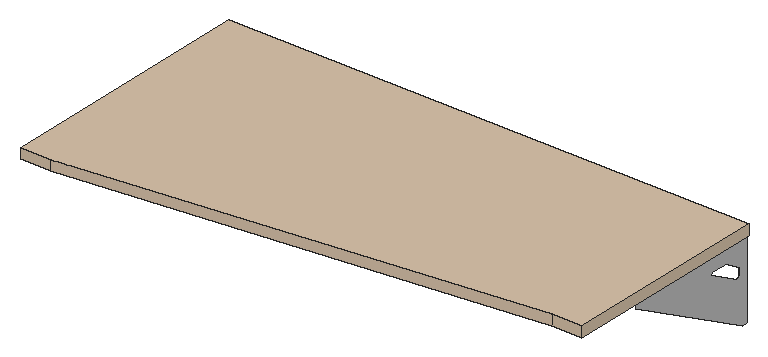
Revit family "Haworth_Compose_Worksurface_Wedge", category Furniture Systems, Revit 2018
Family settings
  Round Connector Dimension = Use Diameter
  Part Type = Normal
  OmniClass Number = 23.40.70.14.64.21
  OmniClass Title = Systems Furniture
  Work Plane-Based = No
  Always vertical = Yes
  Cut with Voids When Loaded = No
  Shared = No
  Room Calculation Point = No
Parameters (values of type "Wedge")
  Worksurface Finish = Haworth _ Laminate _ Maple H-AE
  Worksurface Edge Finish = Haworth _ Laminate _ Maple H-AE
  Warranty = "http://www.haworth.com/resources/product-info/warranties"
  URL - Product = "http://www.haworth.com/products/workspaces/panel-based/compose"
  Sustainability Info = "http://media.haworth.com/asset/2999/Compose%20PEDS.pdf"
  Support Right [instance] = and(Right Leg, or(Support Panel, Support Post_90 Degree, Support Post_45 Degree, Support P Leg, Support Column, Double Support Leg, Cantilever Bracket))  # yes
  Support Post_90 Degree = no
  Support Post_45 Degree = no
  Support Panel = not(or(Support Post_90 Degree, Support Post_45 Degree, Support P Leg, Support Column, Double Support Leg, Cantilever Bracket))  # no
  Support P Leg = no
  Support Left [instance] = and(Left Leg, or(Support Panel, Support Post_90 Degree, Support Post_45 Degree, Support P Leg, Support Column, Double Support Leg, Cantilever Bracket))  # yes
  Support Finish = Haworth _ Paint _ Metallic Champagne
  Support Column = no
  Right Leg [instance] = yes
  No Legs [instance] = not(or(Left Leg, Right Leg))  # no
  Model = "WURE"  # constant formula
  Min. Height = 24"  # constant formula
  Min. Depth = 24"  # constant formula
  Max. Height = 48"  # constant formula
  Max. Depth = 30"  # constant formula
  Width = 60"
  URL = "www.haworth.com"
  Support Height = Actual Height - Table Thickness  # 27 13/16"
  Size = "Verify Final Dim. w/ Haworth"  # constant formula
  Revision Number = "5"  # constant formula
  Min/Max Width = "24-60 in. @ 6 in. increments"  # constant formula
  Min. Width = 24"  # constant formula
  Max. Width = 60"  # constant formula
  Manufacturer = "Haworth"  # constant formula
  Left Leg [instance] = yes
  Height = 29"
  End Support Location = if(Support Panel, 3/4", 1 3/4")  # 1 3/4"
  Short Side Depth = if([18in_24in Worksurface], 18", 24")  # 24"
  Long Side Depth = if([18in_24in Worksurface], 24", 30")  # 30"
  Double Support Leg = no
  Description = "Haworth - Worksurface - Compose Wedge"  # constant formula
  Custom Size = not(or(Width = 24", Width = 30", Width = 36", Width = 42", Width = 48", Width = 54", Width = 60"))  # no
  Cantilever Bracket Location = 1 3/4"  # constant formula
  Cantilever Bracket = yes
  Author = "SHAPE Environments, LLC"  # constant formula
  Assembly Code = "E2020200"
  Actual Width = if(Width > Max. Width, Max. Width, if(Width < Min. Width, Min. Width, Width))  # 60"
  Actual Height = if(Height > Max. Height, Max. Height, if(Height < Min. Height, Min. Height, Height))  # 29"
  Table Thickness = 1 3/16"  # constant formula
  Standard Depths = "18/24 in., 24/30 in."  # constant formula
  24in_30in Worksurface = not([18in_24in Worksurface])  # yes
  18in_24in Worksurface = no
Reference planes (in)
  plane 1 "Center F/B": y = 0
  plane 2 "Floor": z = 0
  plane 3 "Center L/R": x = 0
  plane 4 "Table Edge Left": x = -30
  plane 5 "Table Edge Right": x = 30
  plane 6 "Table Edge Back": y = -15
  plane 7 "Table Edge Front": y = 15
  plane 8 "table top": z = 29
  plane 9 "End Support Location": x = -28.25
  plane 10: y = 0
  plane 11 "Short Side Centerline": y = 3
  plane 12 "Masking Region": z = 27
Lines and regions (in)
  Masking region 1
    outline origin (0, 0, 27) x (0, -1, 0) y (1, 0, 0)
      loop
        line (-15, -30) -> (15, -30) -> (15, -26.5) -> (9, 26.5) -> (9, 30) -> (-15, 30) -> (-15, -30)
Dimensions and locks (in)
  "Long Side Depth": plane 7 "Table Edge Front" to plane 6 "Table Edge Back"
  "Actual Width": plane 4 "Table Edge Left" to plane 5 "Table Edge Right"
  equal spacing: plane 4 "Table Edge Left", plane 3 "Center L/R", plane 5 "Table Edge Right"
  equal spacing: plane 7 "Table Edge Front", plane 1 "Center F/B", plane 6 "Table Edge Back"
  "Actual Height": plane 8 "table top" to level
  "End Support Location": plane 4 "Table Edge Left" to plane 9 "End Support Location"
  nested 2 to plane 7 "Table Edge Front" = 15"
  "End Support Location": nested 9 to plane 5 "Table Edge Right"
  equal spacing: plane 7 "Table Edge Front", plane 11 "Short Side Centerline", nested 2
  locked: nested 8 to plane 5 "Table Edge Right" at 6
  locked: plane 4 "Table Edge Left" to nested 7 at 6
  locked: plane 7 "Table Edge Front" to nested 5 at 3
  locked: nested 2 to nested 6 at 3
  locked: nested 6 to plane 5 "Table Edge Right" at 3
  locked: nested 5 to plane 5 "Table Edge Right" at 3
  locked: plane 4 "Table Edge Left" to nested 3 at 3
  locked: nested 3 to plane 6 "Table Edge Back" at 3
  locked: plane 7 "Table Edge Front" to nested 4 at 3
  locked: plane 4 "Table Edge Left" to nested 4 at 3
  locked: plane 8 "table top" to plane 12 "Masking Region" at 2
  "Cantilever Bracket Location": plane 4 "Table Edge Left" to nested 10
  "Cantilever Bracket Location": nested 11 to plane 5 "Table Edge Right"
  aligned: nested 1 to plane 4 "Table Edge Left"  (x2)
  aligned and locked: plane 3 "Center L/R" to nested 2
  aligned: plane 1 "Center F/B" to nested 2
  aligned: plane 1 "Center F/B" to nested 1
  aligned: plane 7 "Table Edge Front" to nested 2  (x2)
  aligned and locked: nested 2 to nested 1
  aligned: plane 10 to nested 2  (x2)
  aligned and locked: plane 10 to nested 2
  aligned and locked: plane 10 to nested 1
  aligned and locked: plane 9 "End Support Location" to nested 1
  aligned and locked: Masking region 1 sketch curve to nested 2  (x6)
  aligned and locked: nested 9 to plane 11 "Short Side Centerline"
  aligned and locked: nested 8 to plane 11 "Short Side Centerline"
  aligned and locked: plane 1 "Center F/B" to nested 7
  aligned: nested 10 to plane 4 "Table Edge Left"
  aligned and locked: plane 7 "Table Edge Front" to nested 10
  aligned and locked: plane 7 "Table Edge Front" to nested 11
  aligned: plane 5 "Table Edge Right" to nested 11
  aligned: nested 11 to plane 5 "Table Edge Right"
Nested families (in)
  nested 1: "Haworth_Worksurface-Support_Part-End" at (-36.75, 7.86431, 0), visible <- "Support Left", type "Support"
  nested 2: "Haworth_Wedge" at (-3.8345, -23.54284, 0), type "Haworth_Wedge"
  nested 3: "Haworth_Worksurface-Support_Part-Leg" at (-35.5, 9.23931, 0), visible <- "Support Left", type "Support"
  nested 4: "Haworth_Worksurface-Support_Part-Leg" at (-35.5, 33.23931, 0), visible <- "Support Left", type "Support"
  nested 5: "Haworth_Worksurface-Support_Part-Leg" at (18.5, 33.23931, 0), visible <- "Support Right", type "Support 2"
  nested 6: "Haworth_Worksurface-Support_Part-Leg" at (18.5, 15.23931, 0), visible <- "Support Right", type "Support 2"
  nested 7: "Haworth_Worksurface-Support_Part-Round" at (-24, -5.5, 0), visible <- "Support Left", type "Base"
    with Support Column no, Disc Base no
  nested 8: "Haworth_Worksurface-Support_Part-Round" at (24, -2.5, 0), visible <- "Support Right", type "Base 2"
    with Support Column no, Disc Base no
  nested 9: "Haworth_Worksurface-Support_Part-End" at (36.75, 7.86431, 0) x (-1, 0, 0) z (0, 0, 1), visible <- "Support Right", type "Support 2"
    with Actual Depth 24"
  nested 10: "Haworth_Worksurface-Support_Part-Cantilever-Compose" at (-38.32813, 7.86431, 0), visible <- "Support Left", type "Support"
  nested 11: "Haworth_Worksurface-Support_Part-Cantilever-Compose" at (38.32813, 7.86431, 0) x (-1, 0, 0) z (0, 0, 1), visible <- "Support Right", type "Support 2"
    with Actual Depth 24"
Definition of nested family "Haworth_Wedge"
  Parameters
    Worksurface Finish = none
    Worksurface Edge Finish = none
    Warranty = ""
    URL - Product = ""
    URL = "www.haworth.com"
    Table Thickness = 1 3/16"
    Sustainability Info = ""
    Size = "Verify Final Dim. w/ Haworth"  # constant formula
    Revision Number = ""
    OmniClass Number = ""
    Material Options = ""
    Manufacturer = "Haworth"  # constant formula
    LEED Data = ""
    Author = "SHAPE Environments, LLC"  # constant formula
    Assembly Code = ""
    Actual Width = 60"
    Actual Height = 29"
    Actual Depth Short Side = 24"
    Actual Depth Long Side = 30"
  Reference planes (in)
    plane 1 "Center F/B": y = 23.54284
    plane 2: z = 0
    plane 3 "Center L/R": x = 3.8345
    plane 4 "Table Edge Front": y = 38.54284
    plane 5 "Table Edge Right": x = 33.8345
    plane 6 "Table Edge Back": y = 8.54284
    plane 7 "Table Edge Left": x = -26.1655
    plane 8 "Table Top": z = 29
    plane 9 "Table Bottom": z = 27.8125
  Forms (in)
    Extrusion 1, solid, material <- "Worksurface Edge Finish"
      sketch origin (0, 0, 0) x (1, 0, 0) y (0, 1, 0)
        loop
          line (-26.1655, 38.54284) -> (-26.1655, 8.54284) -> (-22.6655, 8.54284) -> (30.3345, 14.54284) -> (33.8345, 14.54284) -> (33.8345, 38.54284) -> (-26.1655, 38.54284)
      from 27.8125 to 29
  Dimensions and locks (in)
    "Actual Width": plane 7 "Table Edge Left" to plane 5 "Table Edge Right"
    equal spacing: plane 7 "Table Edge Left", plane 3 "Center L/R", plane 5 "Table Edge Right"
    equal spacing: plane 4 "Table Edge Front", plane 1 "Center F/B", plane 6 "Table Edge Back"
    "Actual Depth Long Side": plane 4 "Table Edge Front" to plane 6 "Table Edge Back"
    "Actual Height": plane 8 "Table Top" to plane 2
    "Table Thickness": plane 8 "Table Top" to plane 9 "Table Bottom"
    aligned and locked: plane 4 "Table Edge Front" to Extrusion 1
    aligned and locked: Extrusion 1 to plane 7 "Table Edge Left"
    aligned and locked: plane 5 "Table Edge Right" to Extrusion 1
    aligned and locked: plane 8 "Table Top" to Extrusion 1
    aligned and locked: Extrusion 1 to plane 9 "Table Bottom"
  Automatic sketch dimensions
    Extrusion 1 sketch curve to plane 4 "Table Edge Front" = 0"
    Extrusion 1 sketch curve to plane 7 "Table Edge Left" = 0"
    plane 6 "Table Edge Back" to Extrusion 1 sketch curve = 0"
    Extrusion 1 sketch curve to plane 5 "Table Edge Right" = 0"
    Extrusion 1 sketch curve to Extrusion 1 sketch curve = 3 1/2"  (x2)
    Extrusion 1 sketch curve to plane 6 "Table Edge Back" = 6"
Definition of nested family "Haworth_Worksurface-Support_Part-Cantilever-Compose"
  Parameters
    Worksurface Height = 29"
    Worksurface Depth = 30"
    Warranty = ""
    URL - Product = ""
    URL = "www.haworth.com"
    Top Thickness = 1 3/16"
    Sustainability Info = ""
    Support Thickness = 3/32"  # constant formula
    Support Height = Actual Height - Top Thickness  # 27 13/16"
    Support Finish = none
    Support Depth = 16"  # constant formula
    Size = "Verify Final Dim. w/ Haworth"  # constant formula
    Revision Number = "1"  # constant formula
    Model = "Worksurface"
    Standard Height = "12.75 in."  # constant formula
    Standard Depth = "15.75 in."  # constant formula
    Min. Height = 20"  # constant formula
    Min. Depth = 18"  # constant formula
    Max. Height = 48"  # constant formula
    Max. Depth = 36"  # constant formula
    Manufacturer = "Haworth"  # constant formula
    LEED Data = ""
    Description = "Worksurface Support End"  # constant formula
    Cantilever Bracket = yes
    Bottom Strut Thickness = 1"  # constant formula
    Bottom Strut Location = 9"  # constant formula
    Author = "SHAPE Environments, LLC"  # constant formula
    Assembly Code = ""
    Actual Top Thickness = if(Top Thickness > 3", 3", if(Top Thickness < 1", 1", Top Thickness))  # 1 3/16"
    Actual Height = 29"
    Actual Depth = 30"
  Reference planes (in)
    plane 1: z = 0
    plane 2 "Center L/R": x = 8.5
    plane 3 "Support Left Edge": x = 8.45312
    plane 4 "Support Right Edge": x = 8.54688
    plane 5 "Back": y = 7.13569
    plane 6 "Front": y = -8.86431
    plane 7 "Support Top": z = 27.8125
  Forms (in)
    Extrusion 1, solid, material <- "Support Finish", visible <- "Cantilever Bracket"
      sketch origin (8.45312, 0, 0) x (0, -1, 0) y (0, 0, 1)
        loop
          line (-7.13569, 27.71875) -> (-7.13569, 18.71875) -> (-6.51069, 18.71875) -> (8.86431, 27.23304) -> (8.86431, 27.71875) -> (-7.13569, 27.71875)
        loop
          line (-2.13709, 26.21875) -> (-3.85577, 26.21875)
          arc (-3.85577, 26.21875) -> (-3.91832, 26.2108) -> (-3.97688, 26.18745) r 0.25
          line (-3.97688, 26.18745) -> (-5.94171, 25.09938)
          arc (-5.94171, 25.09938) -> (-5.99206, 25.0533) -> (-6.01069, 24.98764) r 0.125
          line (-6.01069, 24.98764) -> (-6.01069, 24.06204)
          arc (-6.01069, 24.06204) -> (-5.88914, 23.84756) -> (-5.64268, 23.84164) r 0.25
          line (-5.64268, 23.84164) -> (-2.03161, 25.84136)
          arc (-2.03161, 25.84136) -> (-1.94116, 26.07007) -> (-2.13709, 26.21875) r 0.20343
      from 0 to -0.09375
    Extrusion 2, solid, material <- "Support Finish", visible <- "Cantilever Bracket"
      sketch origin (0, 0, 27.8125) x (-1, 0, 0) y (0, -1, 0)
        loop
          line (-8.45313, -6.51069) -> (-8.45312, 8.86431) -> (-10.07812, 8.86431) -> (-10.07813, -6.51069) -> (-8.45313, -6.51069)
      from 0 to -0.09375
  Cuts and joins
    joined: Extrusion 1, Extrusion 2
  Lines and regions (in)
    symbolic lines, visible <- "Cantilever Bracket", detail levels fine
      curve 1: line (8.45312, 7.13569, 0) -> (8.54688, 7.13569, 0)
      curve 2: line (8.45312, -8.86431, 0) -> (8.45312, 7.13569, 0)
      curve 3: line (10.07813, -8.86431, 0) -> (8.45312, -8.86431, 0)
      curve 4: line (8.54688, 7.13569, 0) -> (8.54688, 6.51069, 0)
      curve 5: line (8.54688, 6.51069, 0) -> (10.07813, 6.51069, 0)
      curve 6: line (10.07813, 6.51069, 0) -> (10.07813, -8.86431, 0)
  Dimensions and locks (in)
    "Support Thickness": plane 3 "Support Left Edge" to plane 4 "Support Right Edge"
    equal spacing: plane 3 "Support Left Edge", plane 2 "Center L/R", plane 4 "Support Right Edge"
    "Support Depth": plane 5 "Back" to plane 6 "Front"
    "Support Height": plane 7 "Support Top" to level
    locked: Extrusion 1 sketch curve to Extrusion 1 sketch curve at 9
    locked: Extrusion 1 sketch curve to Extrusion 1 sketch curve at 1.125
    locked: Extrusion 1 sketch curve to Extrusion 1 sketch curve at 1.5
    aligned and locked: plane 4 "Support Right Edge" to Extrusion 1
    aligned and locked: plane 7 "Support Top" to Extrusion 2
  Automatic sketch dimensions
    Extrusion 2 sketch curve to plane 6 "Front" = 0"
    Extrusion 2 sketch curve to plane 3 "Support Left Edge" = 0"
    plane 4 "Support Right Edge" to Extrusion 2 sketch curve = 1 17/32"
    Extrusion 2 sketch curve to plane 5 "Back" = 5/8"
    Extrusion 1 sketch curve to plane 5 "Back" = 0"
    Extrusion 1 sketch curve to plane 6 "Front" = 0"
    Extrusion 1 sketch curve to plane 5 "Back" = 5/8"
    Extrusion 1 sketch curve to Extrusion 1 sketch curve = 0.06898"
    Extrusion 1 sketch curve to Extrusion 1 sketch curve = 1/8"
    Extrusion 1 sketch curve to Extrusion 1 sketch curve = 1/4"  (x2)
    Extrusion 1 sketch curve to Extrusion 1 sketch curve = 0.11801"
    Extrusion 1 sketch curve to Extrusion 1 sketch curve = 1 247/256"
    Extrusion 1 sketch curve to Extrusion 1 sketch curve = 31/256"
    Extrusion 1 sketch curve to Extrusion 1 sketch curve = 1.71868"
    Extrusion 1 sketch curve to Extrusion 1 sketch curve = 27/256"
    Extrusion 1 sketch curve to plane 7 "Support Top" = 9 3/32"
    Extrusion 1 sketch curve to Extrusion 1 sketch curve = 2.37711"
    Extrusion 1 sketch curve to Extrusion 1 sketch curve = 0.9256"
    Extrusion 1 sketch curve to Extrusion 1 sketch curve = 0.37739"
    Extrusion 1 sketch curve to Extrusion 1 sketch curve = 0.48571"
    curve 3 to plane 3 "Support Left Edge" = 0"
    curve 1 to plane 4 "Support Right Edge" = 0"
    curve 6 to plane 6 "Front" = 0"
    curve 4 to plane 5 "Back" = 0"
    curve 6 to plane 5 "Back" = 5/8"
    plane 4 "Support Right Edge" to curve 6 = 1 17/32"
Definition of nested family "Haworth_Worksurface-Support_Part-End"
  Parameters
    Worksurface Height = 29"
    Worksurface Depth = 30"
    Warranty = ""
    URL - Product = ""
    URL = "www.haworth.com"
    Top Thickness = 1 3/16"
    Sustainability Info = ""
    Support Thickness = if(Support Panel, 1 1/2", 2")  # 2"
    Support Panel = no
    Support P Leg = no
    Support Height = Actual Height - Top Thickness  # 27 13/16"
    Support Finish = none
    Support Double Leg = no
    Size = "Verify Final Dim. w/ Haworth"  # constant formula
    Revision Number = "1"  # constant formula
    Model = "Worksurface"
    Min/Max Height = "26-32 in."  # constant formula
    Min/Max Depth = "18-36 in."  # constant formula
    Min. Height = 20"  # constant formula
    Min. Depth = 18"  # constant formula
    Max. Height = 48"  # constant formula
    Max. Depth = 36"  # constant formula
    Manufacturer = "Haworth"  # constant formula
    Leg Support = or(Support P Leg, Support Double Leg)  # no
    LEED Data = ""
    Description = "Worksurface Support End"  # constant formula
    Bottom Strut Thickness = 1"  # constant formula
    Bottom Strut Location = 9"  # constant formula
    Back Support Location = if(Support P Leg, 0", 1")  # 1"
    Author = "SHAPE Environments, LLC"  # constant formula
    Assembly Code = ""
    Actual Top Thickness = if(Top Thickness > 3", 3", if(Top Thickness < 1", 1", Top Thickness))  # 1 3/16"
    Actual Height = 29"
    Actual Depth = 30"
  Reference planes (in)
    plane 1: z = 0
    plane 2 "Center L/R": x = 8.5
    plane 3 "Support Left Edge": x = 7.5
    plane 4 "Support Right Edge": x = 9.5
    plane 5 "Back": y = 7.13569
    plane 6 "Front": y = -22.86431
    plane 7 "Support Top": z = 27.8125
    plane 8 "Mid Strut Top": z = 21.5625
    plane 9 "Mid Strut Bottom": z = 20.8125
    plane 10 "Top Strut Bottom": z = 26.0625
    plane 11 "Front Support Exterior": y = -21.86431
    plane 12 "Front Support Interior": y = -20.86431
    plane 13 "Back Support Interior": y = 5.13569
    plane 14 "Back Support Exterior": y = 6.13569
    plane 15 "Center F/B": y = -7.86431
  Forms (in)
    Extrusion 1, solid, material <- "Support Finish", visible <- "Support Panel"
      sketch origin (0, 0, 0) x (1, 0, 0) y (0, 1, 0)
        loop
          line (7.5, 7.13569) -> (7.5, -22.86431) -> (9.5, -22.86431) -> (9.5, 7.13569) -> (7.5, 7.13569)
      from 0 to 27.8125
    Extrusion 2, solid, material <- "Support Finish", visible <- "Support P Leg"
      sketch origin (8.5, 0, 0) x (0, 1, 0) y (0, 0, 1)
        loop
          line (6.13569, 20.8125) -> (6.13569, 27.8125) -> (5.13569, 27.8125) -> (5.13569, 21.5625) -> (-20.86431, 21.5625) -> (-20.86431, 27.8125) -> (-21.86431, 27.8125) -> (-21.86431, 0) -> (-20.86431, 0) -> (-20.86431, 20.8125) -> (6.13569, 20.8125)
      from -1 to 1
    Extrusion 3, solid, material <- "Support Finish", visible <- "Support Double Leg"
      sketch origin (8.5, 0, 0) x (0, 1, 0) y (0, 0, 1)
        loop
          line (5.13569, 20.8125) -> (5.13569, 0) -> (6.13569, 0) -> (6.13569, 27.8125) -> (5.13569, 27.8125) -> (5.13569, 21.5625) -> (-20.86431, 21.5625) -> (-20.86431, 27.8125) -> (-21.86431, 27.8125) -> (-21.86431, 0) -> (-20.86431, 0) -> (-20.86431, 20.8125) -> (5.13569, 20.8125)
      from -1 to 1
    Extrusion 4, solid, material <- "Support Finish", visible <- "Leg Support"
      sketch origin (8.5, 0, 0) x (0, 1, 0) y (0, 0, 1)
        loop
          line (5.13569, 27.8125) -> (-20.86431, 27.8125) -> (-20.86431, 26.0625) -> (5.13569, 26.0625) -> (5.13569, 27.8125)
      from -0.625 to 0.625
  Lines and regions (in)
    symbolic lines, visible <- "Support Double Leg", detail levels fine
      curve 1: line (7.5, 7.13569, 0) -> (9.5, 7.13569, 0)
      curve 6: line (7.5, -21.86431, 0) -> (7.5, 7.13569, 0)
      curve 7: line (9.5, -21.86431, 0) -> (7.5, -21.86431, 0)
      curve 8: line (9.5, 7.13569, 0) -> (9.5, -21.86431, 0)
    symbolic lines, visible <- "Support Panel", detail levels fine
      curve 2: line (7.5, -22.86431, 0) -> (7.5, 7.13569, 0)
      curve 3: line (9.5, -22.86431, 0) -> (7.5, -22.86431, 0)
      curve 4: line (9.5, 7.13569, 0) -> (9.5, -22.86431, 0)
      curve 9: line (7.5, 7.13569, 0) -> (9.5, 7.13569, 0)
    symbolic lines, visible <- "Support P Leg", detail levels fine
      curve 5: line (7.5, 7.13569, 0) -> (9.5, 7.13569, 0)
      curve 10: line (7.5, -21.86431, 0) -> (7.5, 7.13569, 0)
      curve 11: line (9.5, -21.86431, 0) -> (7.5, -21.86431, 0)
      curve 12: line (9.5, 7.13569, 0) -> (9.5, -21.86431, 0)
  Dimensions and locks (in)
    "Support Thickness": plane 3 "Support Left Edge" to plane 4 "Support Right Edge"
    equal spacing: plane 3 "Support Left Edge", plane 2 "Center L/R", plane 4 "Support Right Edge"
    "Actual Depth": plane 5 "Back" to plane 6 "Front"
    locked: plane 7 "Support Top" to plane 10 "Top Strut Bottom" at 1.75
    "Support Height": plane 7 "Support Top" to level
    "Back Support Location": plane 5 "Back" to plane 14 "Back Support Exterior"
    locked: plane 14 "Back Support Exterior" to plane 13 "Back Support Interior" at 1
    plane 12 "Front Support Interior" to plane 11 "Front Support Exterior" to plane 6 "Front" = 1" locked, 1" locked
    plane 7 "Support Top" to plane 9 "Mid Strut Bottom" = 7"
    locked: plane 8 "Mid Strut Top" to plane 9 "Mid Strut Bottom" at 0.75
    equal spacing: plane 5 "Back", plane 15 "Center F/B", plane 6 "Front"
    aligned and locked: plane 3 "Support Left Edge" to Extrusion 1 sketch curve
    aligned and locked: Extrusion 1 sketch curve to plane 5 "Back"
    aligned and locked: plane 6 "Front" to Extrusion 1 sketch curve
    aligned and locked: Extrusion 1 sketch curve to plane 4 "Support Right Edge"
    aligned and locked: plane 7 "Support Top" to Extrusion 1
    aligned: Extrusion 1 to level
    aligned and locked: Extrusion 1 to plane 7 "Support Top"
    aligned and locked: Extrusion 1 to plane 1
    aligned and locked: plane 1 to Extrusion 1
    aligned and locked: plane 9 "Mid Strut Bottom" to Extrusion 2 sketch curve
    aligned and locked: plane 8 "Mid Strut Top" to Extrusion 2 sketch curve
    aligned and locked: plane 12 "Front Support Interior" to Extrusion 2 sketch curve
    aligned and locked: plane 11 "Front Support Exterior" to Extrusion 2 sketch curve
    aligned and locked: plane 7 "Support Top" to Extrusion 2 sketch curve
    aligned and locked: level to Extrusion 2 sketch curve
    aligned and locked: plane 13 "Back Support Interior" to Extrusion 3 sketch curve
    aligned and locked: Extrusion 3 sketch curve to plane 13 "Back Support Interior"
    aligned and locked: Extrusion 3 sketch curve to plane 14 "Back Support Exterior"
    aligned and locked: Extrusion 3 sketch curve to plane 7 "Support Top"  (x2)
    aligned and locked: Extrusion 3 sketch curve to plane 11 "Front Support Exterior"
    aligned and locked: Extrusion 3 sketch curve to plane 12 "Front Support Interior"  (x2)
    aligned and locked: Extrusion 3 sketch curve to plane 9 "Mid Strut Bottom"
    aligned and locked: Extrusion 3 sketch curve to plane 8 "Mid Strut Top"
    aligned and locked: plane 3 "Support Left Edge" to Extrusion 3
    aligned and locked: plane 3 "Support Left Edge" to Extrusion 2
    aligned and locked: plane 4 "Support Right Edge" to Extrusion 3
    aligned and locked: plane 4 "Support Right Edge" to Extrusion 2
    aligned and locked: plane 13 "Back Support Interior" to Extrusion 2 sketch curve
    aligned and locked: Extrusion 2 sketch curve to plane 14 "Back Support Exterior"
    aligned and locked: plane 13 "Back Support Interior" to Extrusion 4 sketch curve
    aligned and locked: plane 10 "Top Strut Bottom" to Extrusion 4 sketch curve
    aligned and locked: plane 7 "Support Top" to Extrusion 4 sketch curve
    aligned and locked: plane 12 "Front Support Interior" to Extrusion 4 sketch curve
  Automatic sketch dimensions
    Extrusion 2 sketch curve to Extrusion 2 sketch curve = 0"
    Extrusion 2 sketch curve to plane 7 "Support Top" = 0"
    Extrusion 3 sketch curve to level = 0"  (x2)
    curve 10 to plane 3 "Support Left Edge" = 0"
    curve 7 to plane 4 "Support Right Edge" = 0"
    curve 3 to plane 6 "Front" = 0"
    plane 11 "Front Support Exterior" to curve 11 = 0"
    curve 9 to plane 5 "Back" = 0"
Definition of nested family "Haworth_Worksurface-Support_Part-Leg"
  Parameters
    Top Thickness = 1 3/16"
    Support Post Standard = no
    Support Post 45 Degree = no
    Support Height = Actual Height - Top Thickness  # 27 13/16"
    Model = "Worksurface"
    Worksurface Height = 29"
    Warranty = "www.haworth.com/en-us/Products/Pages/Certifications.aspx"
    URL - Product = "www.haworth.com/en-us/Products/Furniture/Systems/Desking-Systems/Pages/Compose.aspx"
    URL = "www.haworth.com"
    Sustainability Info = "www.haworth.com/en-us/About-Us/Sustainability/Pages/Vision.aspx"
    Support Finish = none
    Size = "Verify Final Dim. w/ Haworth"  # constant formula
    Revision Number = "1"  # constant formula
    Min/Max Height = "26-32 in."  # constant formula
    Min. Height = 20"  # constant formula
    Max. Height = 48"  # constant formula
    Manufacturer = "Haworth"  # constant formula
    LEED Data = "www.haworth.com/_layouts/Haworth.ProductCatalog/Handlers/GetAsset.ashx/ComposeLEEDContributions.pdf?cid=27&rid=1824&type=Leed"
    Description = "Worksurface Support"  # constant formula
    Author = "SHAPE Environments, LLC"  # constant formula
    Assembly Code = "E2020200"
    Actual Top Thickness = if(Top Thickness > 3", 3", if(Top Thickness < 1", 1", Top Thickness))  # 1 3/16"
    Actual Height = 29"
  Reference planes (in)
    plane 1: z = 0
    plane 2 "Center L/R": x = 8.5
    plane 3 "Support Top": z = 27.8125
    plane 4 "Center F/B": y = -21.23931
  Forms (in)
    Extrusion 1, solid, material <- "Support Finish", visible <- "Support Post Standard"
      sketch origin (0, 0, 0) x (1, 0, 0) y (0, 1, 0)
        loop
          line (7.75, -22.86431) -> (9.25, -22.86431) -> (9.25, -19.61431) -> (7.75, -19.61431) -> (7.75, -22.86431)
      from 0 to 27.8125
    Extrusion 2, solid, material <- "Support Finish", visible <- "Support Post 45 Degree"
      sketch origin (17.50805, -0.21044, 0) x (0.707107, -0.707107, 0) y (0.707107, 0.707107, 0)
        loop
          line (7.75, -22.86431) -> (9.25, -22.86431) -> (9.25, -19.61431) -> (7.75, -19.61431) -> (7.75, -22.86431)
      from 0 to 27.8125
  Lines and regions (in)
    symbolic lines, visible <- "Support Post Standard", detail levels fine
      curve 1: line (7.75, -19.61431, 0) -> (9.25, -19.61431, 0)
      curve 2: line (7.75, -22.86431, 0) -> (7.75, -19.61431, 0)
      curve 3: line (9.25, -22.86431, 0) -> (7.75, -22.86431, 0)
      curve 4: line (9.25, -19.61431, 0) -> (9.25, -22.86431, 0)
    symbolic lines, visible <- "Support Post 45 Degree", detail levels fine
      curve 5: line (6.82062, -21.85803, 0) -> (9.11872, -19.55993, 0)
      curve 6: line (9.11872, -19.55993, 0) -> (10.17938, -20.62059, 0)
      curve 7: line (10.17938, -20.62059, 0) -> (7.88128, -22.91869, 0)
      curve 8: line (7.88128, -22.91869, 0) -> (6.82062, -21.85803, 0)
  Dimensions and locks (in)
    "Support Height": plane 3 "Support Top" to level
    aligned and locked: plane 3 "Support Top" to Extrusion 1
    aligned and locked: plane 3 "Support Top" to Extrusion 2
  Automatic sketch dimensions
    Extrusion 1 sketch curve to plane 4 "Center F/B" = 1 5/8"
    plane 2 "Center L/R" to Extrusion 1 sketch curve = 3/4"
    Extrusion 1 sketch curve to plane 2 "Center L/R" = 3/4"
    plane 4 "Center F/B" to Extrusion 1 sketch curve = 1 5/8"
    plane 2 "Center L/R" to Extrusion 2 sketch curve = 0.61872"
    Extrusion 2 sketch curve to plane 4 "Center F/B" = 1.67938"
    Extrusion 2 sketch curve to Extrusion 2 sketch curve = 1 1/2"
    Extrusion 2 sketch curve to Extrusion 2 sketch curve = 3 1/4"
    plane 4 "Center F/B" to curve 5 = 0.61872"
    curve 2 to plane 2 "Center L/R" = 3/4"
    curve 2 to curve 7 = 0.13128"
    plane 2 "Center L/R" to curve 6 = 0.61872"
    curve 5 to curve 4 = 0.13128"
    curve 6 to plane 4 "Center F/B" = 0.61872"
    curve 1 to curve 6 = 0.92938"
    curve 7 to curve 2 = 0.05438"
    curve 1 to curve 5 = 0.05438"
Definition of nested family "Haworth_Worksurface-Support_Part-Round"
  Parameters
    Warranty = ""
    URL - Product = ""
    URL = "www.haworth.com"
    Support Column = yes
    Leg Height = 27 13/16"
    Disc Radius = 10 1/2"
    Disc Base = yes
    Base Finish = none
    Sustainability Info = ""
    Size = "Verify Final Dim. w/ Haworth"  # constant formula
    Revision Number = ""
    OmniClass Number = ""
    Material Options = ""
    Manufacturer = "Haworth"  # constant formula
    LEED Data = ""
    Author = "SHAPE Environments, LLC"  # constant formula
    Assembly Code = ""
  Reference planes (in)
    plane 1 "Center F/B": y = 5.5
    plane 2: z = 0
    plane 3 "Center L/R": x = 0
    plane 4 "Table Bottom": z = 27.8125
  Forms (in)
    Revolve 1, solid, material <- "Base Finish", visible <- "Disc Base"
      sketch origin (0, 5.5, 0) x (1, 0, 0) y (0, 0, 1)
        loop
          line (0, 27.8125) -> (-1.5, 27.8125) -> (-1.5, 1.25) -> (-3.53244, 1.25) -> (-4.28244, 0.5) -> (-10.5, 0.5) -> (-10.5, 0) -> (0, 0) -> (0, 27.8125)
        axis (0, 27.8125) -> (0, 0)
      angle from 0 to 360
    Revolve 2, solid, material <- "Base Finish", visible <- "Support Column"
      sketch origin (0, 5.5, 0) x (1, 0, 0) y (0, 0, 1)
        loop
          line (0, 27.8125) -> (-1.5, 27.8125) -> (-1.5, 0) -> (0, 0) -> (0, 27.8125)
        axis (0, 27.8125) -> (0, 0)
      angle from 0 to 360
  Lines and regions (in)
    symbolic lines, visible <- "Disc Base", detail levels fine
      curve 1: circle (0, 5.5, 0) r 10.5 normal (0, 0, 1)
      curve 3: circle (0, 5.5, 0) r 1.5 normal (0, 0, 1)
    symbolic lines, visible <- "Support Column", detail levels fine
      curve 2: circle (0, 5.5, 0) r 1.5 normal (0, 0, 1)
  Dimensions and locks (in)
    "Disc Radius": plane 3 "Center L/R" to Revolve 1 sketch curve
    "Leg Height": plane 4 "Table Bottom" to level
    plane 3 "Center L/R" to Revolve 1 sketch curve = 1 1/2"
    locked: plane 3 "Center L/R" to Revolve 2 sketch curve at 1.5
    aligned and locked: Revolve 1 to plane 4 "Table Bottom"  (x2)
  Automatic sketch dimensions
    Revolve 1 sketch curve to level = 0"
    Revolve 1 sketch curve to plane 4 "Table Bottom" = 0"
    Revolve 1 sketch curve to plane 3 "Center L/R" = 0"  (x2)
    Revolve 1 sketch curve to Revolve 1 sketch curve = 2.03244"
    level to Revolve 1 sketch curve = 1/2"
    Revolve 1 sketch curve to Revolve 1 sketch curve = 3/4"
    Revolve 1 sketch curve to Revolve 1 sketch curve = 6.24462"
    level to Revolve 1 sketch curve = 1 1/4"
    Revolve 1 sketch curve to Revolve 1 sketch curve = 7.21204"
    Revolve 2 sketch curve to plane 4 "Table Bottom" = 0"
    Revolve 2 sketch curve to plane 3 "Center L/R" = 0"  (x2)
    Revolve 2 sketch curve to Revolve 2 sketch curve = 6.24462"
    Revolve 2 sketch curve to Revolve 2 sketch curve = 7.21204"
    Revolve 2 sketch curve to level = 0"
    curve 1 to curve 2 = 0"  (x2)
    curve 1 to curve 3 = 0"  (x2)
    curve 2 to curve 3 = 0"  (x2)
    plane 1 "Center F/B" to curve 2 = 0"
    curve 2 to plane 3 "Center L/R" = 0"
    radius of curve 1 = 10 1/2"
    radius of curve 2 = 1 1/2"
    radius of curve 3 = 1 1/2"
Types in the file's own list only (14): name | Width | Short Side Depth | Long Side Depth | Actual Width | 24in_30in Worksurface | 18in_24in Worksurface
  24w 18/24d | 24" | 18" | 24" | 24" | No | Yes
  30w 18/24d | 30" | 18" | 24" | 30" | No | Yes
  36w 18/24d | 36" | 18" | 24" | 36" | No | Yes
  42w 18/24d | 42" | 18" | 24" | 42" | No | Yes
  48w 18/24d | 48" | 18" | 24" | 48" | No | Yes
  54w 18/24d | 54" | 18" | 24" | 54" | No | Yes
  60w 18/24d | 60" | 18" | 24" | 60" | No | Yes
  24w 24/30d | 24" | 24" | 30" | 24" | Yes | No
  30w 24/30d | 30" | 24" | 30" | 30" | Yes | No
  36w 24/30d | 36" | 24" | 30" | 36" | Yes | No
  42w 24/30d | 42" | 24" | 30" | 42" | Yes | No
  48w 24/30d | 48" | 24" | 30" | 48" | Yes | No
  54w 24/30d | 54" | 24" | 30" | 54" | Yes | No
  60w 24/30d | 60" | 24" | 30" | 60" | Yes | No
